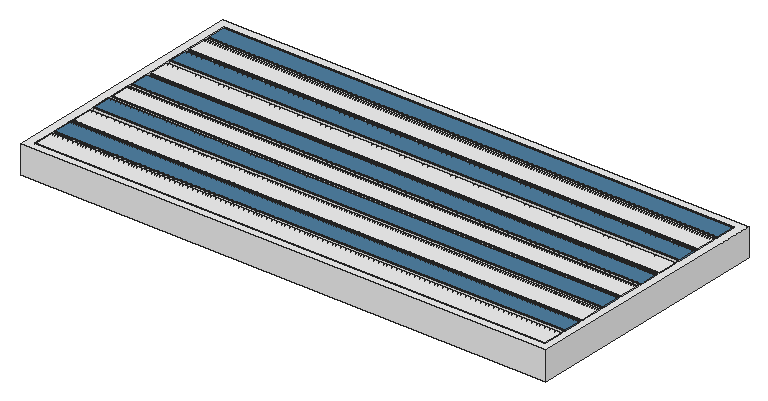
Revit family "Entrance-Flooring_Grate_Reese_Perfec-Grate", category Generic Models, Revit 2026
Family settings
  Can host rebar = No
  Round Connector Dimension = Use Diameter
  Part Type = Normal
  Classification Number = 23.35.50.11.24
  Work Plane-Based = Yes
  Always vertical = No
  Cut with Voids When Loaded = No
  Maintain Annotation Orientation = No
  Shared = No
  Room Calculation Point = No
Parameters (values of type "Recessed Mat")
  treadwidth [instance] = Unit Width - Set Amount of Filler on Sides  # 2' - 8"
  treadinset [instance] = 0' 0 11/16" + (Set Amount of Filler Parallel to Treads) / 2  # 0' - 0 11/16"
  treadfirstarraycount [instance] = roundup(Tread Count / 2)  # 5
  treadarraycount [instance] = rounddown(Tread Count / 2)  # 5
  filleroutsetside [instance] = if(Set Amount of Filler on Sides > 0' 0", 0' 0", 0' 0 1/16")  # 0' - 0 1/16"
  filleroutset [instance] = if(Set Amount of Filler Parallel to Treads > 0' 0", 0' 0", 0' 0 1/16")  # 0' - 0 1/16"
  fillerinsetsides [instance] = if(Set Amount of Filler on Sides > 0' 0", Set Amount of Filler on Sides / 2, 0' 0")  # 0' - 0"
  fillerinset [instance] = if(Set Amount of Filler Parallel to Treads > 0' 0", Set Amount of Filler Parallel to Treads / 2, 0' 0")  # 0' - 0"
  Warranty Duration (Years) = 0
  Unit Width [instance] = 2' - 8"
  Unit Height = 2' - 8"
  Unit Depth [instance] = (Tread Count * 0' 1 1/2") + Set Amount of Filler Parallel to Treads - 0' 0 1/8"  # 1' - 2 7/8"
  URL = "http://www.reeseusa.com/index.htm"
  Tread Count [instance] = 10
  Standards Conformance = "as Specified"
  Specification = "http://www.arcat.com/sd/clients/reese.html?coid=35128"
  SpecWizard = ""
  Set Amount of Filler on Sides [instance] = 0' - 0"
  Set Amount of Filler Parallel to Treads [instance] = 0' - 0"
  Send Message = ""
  Sales Information = "http://www.reeseusa.com/contact.htm"
  Rubber Color [instance] = Finish - Reese - Black Rubber
  Revision = "R1_2017-09"
  Recessed Mat = yes
  Recess [instance] = if(Recessed Mat, -0' 1 9/16", 0' 0")  # -0' - 1 9/16"
  Product Properties = "http://www.reeseusa.com/mats_grates.htm"
  Product Data = "http://www.arcat.com/arcatcos/cos35/arc35128.html"
  Next Tread Tread Insert [instance] = First Tread Serrated Aluminum  # yes
  Next Tread Serrated Aluminum [instance] = First Tread Tread Insert  # no
  Model = "Perfec Grate"
  Manufacturer Website = "http://www.reeseusa.com/index.htm"
  Manufacturer Phone - Toll Free = "800-328-0953"
  Manufacturer Phone = "651-423-1126"
  Manufacturer Fax = "800-334-8823 , 651-423-2662"
  Manufacturer Address = "16350 Asher Ave.  P. O. Box 459  Rosemount, MN 55068-0459"
  Manufacturer = "Reese Enterprises, Inc"
  Maintenance Schedule (Months) = 0
  Keynote = "12 48 00"
  Installation-Fabrication = ""
  Installation Phase = ""
  Inlay Material [instance] = Finish - Reese - Tread Diamond Peak Vinyl Blue
  Green Building-LEED = ""
  Frame Option_Recessed 421LP [instance] = no
  Frame Option_Recessed 420422 [instance] = no
  Frame Option_Recessed 424 [instance] = no
  Frame Option_Recessed 420LP [instance] = yes
  Frame Material [instance] = Finish - Reese - Satin Aluminum
  First Tread Tread Insert [instance] = not(First Tread Serrated Aluminum)  # no
  First Tread Serrated Aluminum [instance] = yes
  Expected Lifespan (Years) = 0
  Drawn By = "Sumex Design, Inc. / Robert S. Weygant, CSI, CDT, SCIP"
  Description = "Reese Recessed Heavy Duty VariStrip Pedestrian Floor Grate - Perfec Grate as Specified"
  Default Elevation = 0' - 0"
  Copyright = "©Arcat Inc."
  Construction Details = "http://www.arcat.com/details/reese/reese.html?coid=35128"
  Channel Finish [instance] = Finish - Reese - Satin Aluminum
  Capacity = "1000 lbs Wheel Rolling Load"
  Available Options [instance] = "as Specified"
  Assembly Code = "E1090900"
Reference planes (in)
  plane 1 "Center (Front/Back)": y = 0
  plane 2 "Bottom": z = 0
  plane 3 "Center (Left/Right)": x = 0
  plane 4 "Front": y = -7.4375
  plane 5 "Back": y = 7.4375
  plane 6 "Left": x = -16
  plane 7 "Right": x = 16
  plane 8: y = -6.75
  plane 9: y = 6.75
  plane 10: y = -5.25
  plane 11: y = -3.75
  plane 12: y = -2.25
Forms (in)
  Sweep 1, solid, material "Finish - Reese - Satin Aluminum" <- "Frame Material", visible <- "Frame Option_Recessed 420422"
    path origin (0, 0, 0) x (1, 0, 0) y (0, 1, 0)
      loop
        line (-16, 7.4375) -> (-16, -7.4375) -> (16, -7.4375) -> (16, 7.4375) -> (-16, 7.4375)
    profile origin (0, 7.4375, 0) x (0, 1, 0) y (0, 0, 1)
      loop
        line (0, 0) -> (0, -2.65422) -> (-2, -2.65422) -> (-2, -2.71875) -> (0.5, -2.71875) -> (0.5, -1.75) -> (0.5, 0) -> (0, 0)
  Sweep 2, solid, material "Finish - Reese - Satin Aluminum" <- "Frame Material", visible <- "Frame Option_Recessed 424"
    path origin (0, 0, 0) x (1, 0, 0) y (0, 1, 0)
      loop
        line (-16, 7.4375) -> (-16, -7.4375) -> (16, -7.4375) -> (16, 7.4375) -> (-16, 7.4375)
    profile origin (0, 7.4375, 0) x (0, 1, 0) y (0, 0, 1)
      loop
        line (0, 0) -> (0, -1.625) -> (-1.625, -1.625) -> (-1.625, -1.75) -> (0.125, -1.75) -> (0.125, 0) -> (0, 0)
  Sweep 3, solid, material "Finish - Reese - Satin Aluminum" <- "Frame Material", visible <- "Frame Option_Recessed 420LP"
    path origin (0, 0, 0) x (1, 0, 0) y (0, 1, 0)
      loop
        line (-16, 7.4375) -> (-16, -7.4375) -> (16, -7.4375) -> (16, 7.4375) -> (-16, 7.4375)
    profile origin (0, 7.4375, 0) x (0, 1, 0) y (0, 0, 1)
      loop
        line (0, 0) -> (0, -1.625) -> (-0.75, -1.625) -> (-0.75, -1.75) -> (0.5, -1.75) -> (0.5, 0) -> (0, 0)
  Sweep 4, solid, material "Finish - Reese - Satin Aluminum" <- "Frame Material", visible <- "Frame Option_Recessed 421LP"
    path origin (0, 0, 0) x (1, 0, 0) y (0, 1, 0)
      loop
        line (-16, 7.4375) -> (-16, -7.4375) -> (16, -7.4375) -> (16, 7.4375) -> (-16, 7.4375)
    profile origin (0, 7.4375, 0) x (0, 1, 0) y (0, 0, 1)
      loop
        line (0, 0) -> (0, -4.01179) -> (-2, -4.01179) -> (-2, -4.125) -> (0.5, -4.125) -> (0.5, 0) -> (0, 0)
Dimensions and locks (in)
  equal spacing: plane 6 "Left", plane 3 "Center (Left/Right)", plane 7 "Right"
  "Unit Width": plane 6 "Left" to plane 7 "Right"
  equal spacing: plane 5 "Back", plane 1 "Center (Front/Back)", plane 4 "Front"
  "Unit Depth": plane 5 "Back" to plane 4 "Front"
  "treadinset": plane 8 to plane 4 "Front"
  "treadinset": plane 5 "Back" to plane 9
  locked: plane 8 to plane 10 at 1.5
  locked: plane 10 to plane 11 at 1.5
  locked: Sweep 2 sketch curve to plane 5 "Back" at 1.625
  locked: plane 11 to plane 12 at 1.5
  equal spacing: group 1, group 2, group 8, group 9, group 10  (x3)
  equal spacing: group 3, group 4, group 5, group 6, group 7  (x3)
  locked: Sweep 1 sketch curve to plane 5 "Back" at 2
  locked: Sweep 4 sketch curve to plane 5 "Back" at 2
  aligned and locked: plane 3 "Center (Left/Right)" to nested 1
  aligned and locked: plane 8 to nested 1
  aligned and locked: plane 3 "Center (Left/Right)" to nested 2
  aligned and locked: plane 10 to nested 2
  aligned and locked: plane 4 "Front" to Sweep 1 sketch curve
  aligned and locked: Sweep 1 sketch curve to plane 7 "Right"
  aligned and locked: Sweep 1 sketch curve to plane 5 "Back"
  aligned and locked: plane 6 "Left" to Sweep 1 sketch curve
  aligned and locked: plane 4 "Front" to Sweep 2 sketch curve
  aligned and locked: Sweep 2 sketch curve to plane 7 "Right"
  aligned and locked: plane 6 "Left" to Sweep 2 sketch curve
  aligned and locked: Sweep 2 sketch curve to plane 5 "Back"
  aligned and locked: plane 3 "Center (Left/Right)" to nested 3
  aligned and locked: plane 11 to nested 3
  aligned and locked: nested 4 to plane 12
  aligned and locked: plane 3 "Center (Left/Right)" to nested 4
  aligned and locked: plane 4 "Front" to Sweep 3 sketch curve
  aligned and locked: Sweep 3 sketch curve to plane 7 "Right"
  aligned and locked: plane 6 "Left" to Sweep 3 sketch curve
  aligned and locked: Sweep 3 sketch curve to plane 5 "Back"
  aligned and locked: plane 4 "Front" to Sweep 4 sketch curve
  aligned and locked: Sweep 4 sketch curve to plane 7 "Right"
  aligned and locked: plane 6 "Left" to Sweep 4 sketch curve
  aligned and locked: Sweep 4 sketch curve to plane 5 "Back"
Automatic sketch dimensions
  Sweep 2 sketch curve to profile plane = 0' - 0"
  Sweep 2 sketch curve to level = 0' - 0"
  Sweep 2 sketch curve to profile plane = 0' - 0 1/8"
  Sweep 2 sketch curve to level = 0' - 1 5/8"
  Sweep 2 sketch curve to Sweep 2 sketch curve = 0' - 0 1/8"
  Sweep 3 sketch curve to profile plane = 0' - 0"
  Sweep 3 sketch curve to level = 0' - 0"
  profile plane to Sweep 3 sketch curve = 0' - 0 3/4"
  Sweep 3 sketch curve to Sweep 3 sketch curve = 0' - 0 1/2"
  Sweep 3 sketch curve to level = 0' - 1 5/8"
  Sweep 3 sketch curve to Sweep 3 sketch curve = 0' - 0 1/8"
  Sweep 1 sketch curve to level = 0' - 0"
  Sweep 1 sketch curve to profile plane = 0' - 0"
  Sweep 1 sketch curve to profile plane = 0' - 0 1/2"
  Sweep 1 sketch curve to Sweep 1 sketch curve = 0' - 1 3/4"
  Sweep 1 sketch curve to level = 0' - 2.65422"
  Sweep 1 sketch curve to Sweep 1 sketch curve = 0' - 0.06453"
  Sweep 4 sketch curve to level = 0' - 0"
  Sweep 4 sketch curve to profile plane = 0' - 0"
  Sweep 4 sketch curve to profile plane = 0' - 0 1/2"
  Sweep 4 sketch curve to level = 0' - 4.01179"
  Sweep 4 sketch curve to Sweep 4 sketch curve = 0' - 0.11321"
Nested families (in)
  nested 1: "Mat_VariStrip" at (0, -6.75, -1.5625), width <- "treadwidth", Tread Insert Material <- "Inlay Material", Rubber Color <- "Rubber Color", Frame Finish <- "Channel Finish", built-in parameter 1001364 <- "Recess", Tread Insert Style C <- "First Tread Serrated Aluminum", Tread Insert Style A <- "First Tread Tread Insert", type "Mat_VariStrip"
    with width 2' - 8", hinge side b yes, hinge side a yes, Tread Insert Style C yes, Tread Insert Style B no, Tread Insert Style A no, Tread Insert Material Finish - Reese - Tread Diamond Peak Vinyl Blue, Rubber Color Finish - Reese - Black Rubber, Frame Finish Finish - Reese - Satin Aluminum
  nested 2: "Mat_VariStrip" at (0, -5.25, -1.5625), width <- "treadwidth", Tread Insert Material <- "Inlay Material", Rubber Color <- "Rubber Color", Frame Finish <- "Channel Finish", built-in parameter 1001364 <- "Recess", Tread Insert Style C <- "Next Tread Serrated Aluminum", Tread Insert Style A <- "Next Tread Tread Insert", type "Mat_VariStrip"
    with width 2' - 8", hinge side b yes, hinge side a yes, Tread Insert Style C no, Tread Insert Style B no, Tread Insert Style A yes, Tread Insert Material Finish - Reese - Tread Diamond Peak Vinyl Blue, Rubber Color Finish - Reese - Black Rubber, Frame Finish Finish - Reese - Satin Aluminum
  nested 3: "Mat_VariStrip" at (0, -3.75, -1.5625), width <- "treadwidth", Tread Insert Material <- "Inlay Material", Rubber Color <- "Rubber Color", Frame Finish <- "Channel Finish", built-in parameter 1001364 <- "Recess", Tread Insert Style C <- "First Tread Serrated Aluminum", Tread Insert Style A <- "First Tread Tread Insert", type "Mat_VariStrip"
    with width 2' - 8", hinge side b yes, hinge side a yes, Tread Insert Style C yes, Tread Insert Style B no, Tread Insert Style A no, Tread Insert Material Finish - Reese - Tread Diamond Peak Vinyl Blue, Rubber Color Finish - Reese - Black Rubber, Frame Finish Finish - Reese - Satin Aluminum
  nested 4: "Mat_VariStrip" at (0, -2.25, -1.5625), width <- "treadwidth", Tread Insert Material <- "Inlay Material", Rubber Color <- "Rubber Color", Frame Finish <- "Channel Finish", built-in parameter 1001364 <- "Recess", Tread Insert Style C <- "Next Tread Serrated Aluminum", Tread Insert Style A <- "Next Tread Tread Insert", type "Mat_VariStrip"
    with width 2' - 8", hinge side b yes, hinge side a yes, Tread Insert Style C no, Tread Insert Style B no, Tread Insert Style A yes, Tread Insert Material Finish - Reese - Tread Diamond Peak Vinyl Blue, Rubber Color Finish - Reese - Black Rubber, Frame Finish Finish - Reese - Satin Aluminum
  nested 5: "Mat_VariStrip" at (0, 0.75, -1.5625), width <- "treadwidth", Tread Insert Material <- "Inlay Material", Rubber Color <- "Rubber Color", Frame Finish <- "Channel Finish", built-in parameter 1001364 <- "Recess", Tread Insert Style C <- "Next Tread Serrated Aluminum", Tread Insert Style A <- "Next Tread Tread Insert", type "Mat_VariStrip"
    with width 2' - 8", hinge side b yes, hinge side a yes, Tread Insert Style C no, Tread Insert Style B no, Tread Insert Style A yes, Tread Insert Material Finish - Reese - Tread Diamond Peak Vinyl Blue, Rubber Color Finish - Reese - Black Rubber, Frame Finish Finish - Reese - Satin Aluminum
  nested 6: "Mat_VariStrip" at (0, 3.75, -1.5625), width <- "treadwidth", Tread Insert Material <- "Inlay Material", Rubber Color <- "Rubber Color", Frame Finish <- "Channel Finish", built-in parameter 1001364 <- "Recess", Tread Insert Style C <- "Next Tread Serrated Aluminum", Tread Insert Style A <- "Next Tread Tread Insert", type "Mat_VariStrip"
    with width 2' - 8", hinge side b yes, hinge side a yes, Tread Insert Style C no, Tread Insert Style B no, Tread Insert Style A yes, Tread Insert Material Finish - Reese - Tread Diamond Peak Vinyl Blue, Rubber Color Finish - Reese - Black Rubber, Frame Finish Finish - Reese - Satin Aluminum
  nested 7: "Mat_VariStrip" at (0, 6.75, -1.5625), width <- "treadwidth", Tread Insert Material <- "Inlay Material", Rubber Color <- "Rubber Color", Frame Finish <- "Channel Finish", built-in parameter 1001364 <- "Recess", Tread Insert Style C <- "Next Tread Serrated Aluminum", Tread Insert Style A <- "Next Tread Tread Insert", type "Mat_VariStrip"
    with width 2' - 8", hinge side b yes, hinge side a yes, Tread Insert Style C no, Tread Insert Style B no, Tread Insert Style A yes, Tread Insert Material Finish - Reese - Tread Diamond Peak Vinyl Blue, Rubber Color Finish - Reese - Black Rubber, Frame Finish Finish - Reese - Satin Aluminum
  nested 8: "Mat_VariStrip" at (0, -0.75, -1.5625), width <- "treadwidth", Tread Insert Material <- "Inlay Material", Rubber Color <- "Rubber Color", Frame Finish <- "Channel Finish", built-in parameter 1001364 <- "Recess", Tread Insert Style C <- "First Tread Serrated Aluminum", Tread Insert Style A <- "First Tread Tread Insert", type "Mat_VariStrip"
    with width 2' - 8", hinge side b yes, hinge side a yes, Tread Insert Style C yes, Tread Insert Style B no, Tread Insert Style A no, Tread Insert Material Finish - Reese - Tread Diamond Peak Vinyl Blue, Rubber Color Finish - Reese - Black Rubber, Frame Finish Finish - Reese - Satin Aluminum
  nested 9: "Mat_VariStrip" at (0, 2.25, -1.5625), width <- "treadwidth", Tread Insert Material <- "Inlay Material", Rubber Color <- "Rubber Color", Frame Finish <- "Channel Finish", built-in parameter 1001364 <- "Recess", Tread Insert Style C <- "First Tread Serrated Aluminum", Tread Insert Style A <- "First Tread Tread Insert", type "Mat_VariStrip"
    with width 2' - 8", hinge side b yes, hinge side a yes, Tread Insert Style C yes, Tread Insert Style B no, Tread Insert Style A no, Tread Insert Material Finish - Reese - Tread Diamond Peak Vinyl Blue, Rubber Color Finish - Reese - Black Rubber, Frame Finish Finish - Reese - Satin Aluminum
  nested 10: "Mat_VariStrip" at (0, 5.25, -1.5625), width <- "treadwidth", Tread Insert Material <- "Inlay Material", Rubber Color <- "Rubber Color", Frame Finish <- "Channel Finish", built-in parameter 1001364 <- "Recess", Tread Insert Style C <- "First Tread Serrated Aluminum", Tread Insert Style A <- "First Tread Tread Insert", type "Mat_VariStrip"
    with width 2' - 8", hinge side b yes, hinge side a yes, Tread Insert Style C yes, Tread Insert Style B no, Tread Insert Style A no, Tread Insert Material Finish - Reese - Tread Diamond Peak Vinyl Blue, Rubber Color Finish - Reese - Black Rubber, Frame Finish Finish - Reese - Satin Aluminum
Definition of nested family "Mat_VariStrip"
  Parameters
    width [instance] = 5' - 10"
    hinge side b [instance] = yes
    hinge side a [instance] = yes
    Tread Insert Style C [instance] = yes
    Tread Insert Style B [instance] = yes
    Tread Insert Style A [instance] = yes
    Tread Insert Material [instance] = none
    Rubber Color [instance] = none
    Frame Finish [instance] = none
    Default Elevation = 4' - 0"
  Reference planes (in)
    plane 1 "Center (Front/Back)": y = 0
    plane 2: z = 0
    plane 3 "Center (Left/Right)": x = 0
    plane 4: x = -35
    plane 5: x = 35
    plane 6: z = 1.5625
  Forms (in)
    Extrusion 1, solid, material <- "Frame Finish"
      sketch origin (0, 0, 0.02202) x (0, 1, 0) y (0, 0, 1)
        loop
          line (0.65625, 1.54048) -> (0.53125, 1.54048) -> (0.53125, 1.33792) -> (-0.53125, 1.33792) -> (-0.53125, 1.54048) -> (-0.65625, 1.54048) -> (-0.65625, 1.29048) -> (-0.04239, 1.29048) -> (-0.04239, 0.19673) -> (-0.44405, 0.05054) -> (-0.44405, -0.02202) -> (0.44405, -0.02202) -> (0.44405, 0.05054) -> (0.04239, 0.19673) -> (0.04239, 1.29048) -> (0.65625, 1.29048) -> (0.65625, 1.54048)
      from -35 to 35
    Extrusion 2, solid, material <- "Tread Insert Material", visible <- "Tread Insert Style A"
      sketch origin (0, 0, 1.13979) x (0, 1, 0) y (0, 0, 1)
        loop
          line (-0.53125, 0.21945) -> (0.53125, 0.21945) -> (0.53125, 0.35298) -> (0.57217, 0.35298) -> (0.57217, 0.443) -> (-0.57217, 0.443) -> (-0.57217, 0.35298) -> (-0.53125, 0.35298) -> (-0.53125, 0.21945)
      from -35 to 35
    Extrusion 3, solid, material <- "Rubber Color", visible <- "Tread Insert Style B"
      sketch origin (0, 0, 1.11777) x (0, 1, 0) y (0, 0, 1)
        loop
          line (-0.53125, 0.24147) -> (0.53125, 0.24147) -> (0.53125, 0.4068) -> (0.45768, 0.4068) -> (0.45768, 0.44458) -> (-0.45768, 0.44458) -> (-0.45768, 0.4068) -> (-0.53125, 0.4068) -> (-0.53125, 0.24147)
      from -35 to 35
    Extrusion 4, solid, material <- "Frame Finish", visible <- "Tread Insert Style C"
      sketch origin (0, 0, 0) x (0, 1, 0) y (0, 0, 1)
        loop
          line (0.65625, 1.57106) -> (-0.65625, 1.57106) -> (-0.65625, 1.52315) -> (0.65625, 1.52315) -> (0.65625, 1.57106)
      from -35 to 35
  Dimensions and locks (in)
    equal spacing: plane 4, plane 3 "Center (Left/Right)", plane 5
    "width": plane 4 to plane 5
    plane 6 to level = 0' - 1 9/16"
    aligned and locked: plane 2 to level
    aligned and locked: plane 5 to Extrusion 1
    aligned and locked: Extrusion 1 to plane 4
    aligned and locked: plane 5 to Extrusion 2
    aligned and locked: Extrusion 2 to plane 4
    aligned and locked: plane 5 to Extrusion 3
    aligned and locked: Extrusion 3 to plane 4
    aligned and locked: plane 5 to Extrusion 4
    aligned and locked: Extrusion 4 to plane 4
  Automatic sketch dimensions
    plane 1 "Center (Front/Back)" to Extrusion 2 sketch curve = 0' - 0.57217"
    Extrusion 2 sketch curve to Extrusion 2 sketch curve = 0' - 0.04092"  (x2)
    Extrusion 2 sketch curve to plane 1 "Center (Front/Back)" = 0' - 0 17/32"
    Extrusion 2 sketch curve to Extrusion 2 sketch curve = 0' - 0.13353"  (x2)
    plane 1 "Center (Front/Back)" to Extrusion 3 sketch curve = 0' - 0 17/32"
    Extrusion 3 sketch curve to Extrusion 3 sketch curve = 0' - 0.07357"  (x2)
    Extrusion 3 sketch curve to plane 1 "Center (Front/Back)" = 0' - 0.45768"
    Extrusion 3 sketch curve to Extrusion 3 sketch curve = 0' - 0.16533"  (x2)
    level to Extrusion 2 sketch curve = 0' - 1.35924"
    Extrusion 2 sketch curve to Extrusion 2 sketch curve = 0' - 0.09001"
    level to Extrusion 3 sketch curve = 0' - 1.35924"
    Extrusion 3 sketch curve to Extrusion 3 sketch curve = 0' - 0.03778"
    Extrusion 1 sketch curve to plane 6 = 0' - 0"  (x2)
    Extrusion 1 sketch curve to level = 0' - 0"
    Extrusion 1 sketch curve to plane 6 = 0' - 0 1/4"
    plane 1 "Center (Front/Back)" to Extrusion 1 sketch curve = 0' - 0 21/32"
    Extrusion 1 sketch curve to Extrusion 1 sketch curve = 0' - 0 1/8"  (x2)
    plane 1 "Center (Front/Back)" to Extrusion 1 sketch curve = 0' - 0.44405"
    plane 1 "Center (Front/Back)" to Extrusion 1 sketch curve = 0' - 0.04239"
    Extrusion 1 sketch curve to plane 1 "Center (Front/Back)" = 0' - 0.04239"
    level to Extrusion 1 sketch curve = 0' - 0.07256"
    Extrusion 1 sketch curve to Extrusion 1 sketch curve = 0' - 0.40166"
    Extrusion 1 sketch curve to plane 1 "Center (Front/Back)" = 0' - 0 17/32"
    Extrusion 1 sketch curve to Extrusion 1 sketch curve = 0' - 0.07256"
    level to Extrusion 1 sketch curve = 0' - 0 7/32"
    Extrusion 1 sketch curve to Extrusion 1 sketch curve = 0' - 0"  (x2)
    Extrusion 1 sketch curve to Extrusion 1 sketch curve = 0' - 0.04743"
    plane 6 to Extrusion 4 sketch curve = 0' - 0.00856"
    Extrusion 4 sketch curve to plane 6 = 0' - 0.03935"
    Extrusion 4 sketch curve to plane 1 "Center (Front/Back)" = 0' - 0 21/32"
    plane 1 "Center (Front/Back)" to Extrusion 4 sketch curve = 0' - 0 21/32"
